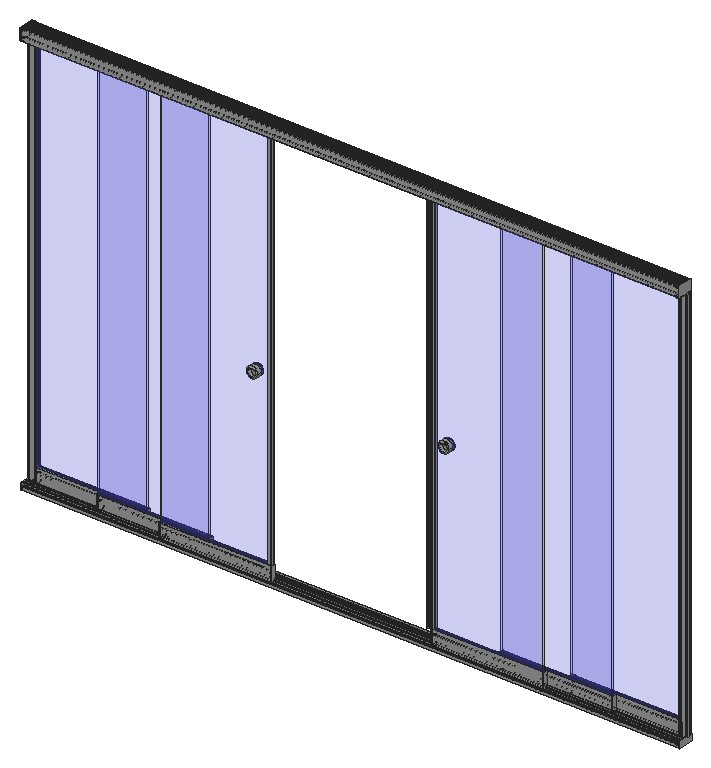
Revit family "SlideTec- 4 Panels - Retracted both sides))", category Generic Models, Revit 2018 (continued)
Definition of nested family "Panel RH"
  Forms (mm)
    Extrusion 3, solid, material <- "Framing"
      sketch origin (0, 0, 0) x (1, 0, 0) y (0, 1, 0)
        loop
          arc (-271.762, 11.573) -> (-273.196, 11.064) -> (-272.468, 9.729) r 1
          line (-272.468, 9.729) -> (-268.705, 8.938)
      from 80.905 to 2000
  Dimensions and locks
    "Height": plane 6 to plane 2
    locked: plane 7 to plane 4 at 6
    locked: plane 5 to plane 8 at 6
    equal spacing: plane 4, plane 3 "Center (Left/Right)", plane 5
    "Width": plane 7 to plane 8
    "Door Height": plane 10 to plane 2
    plane 7 to plane 9 = 85 mm
    aligned and locked: level to plane 2
    aligned and locked: Extrusion 2 to plane 4
    aligned and locked: Extrusion 2 to plane 5
    aligned and locked: nested 2 to plane 7
    aligned and locked: Extrusion 1 to plane 4
    aligned and locked: nested 1 to plane 8
    aligned and locked: Extrusion 1 to plane 5
    aligned and locked: plane 10 to nested 3
    aligned and locked: nested 3 to plane 9
    aligned and locked: plane 6 to Extrusion 3
  Automatic sketch dimensions
    plane 1 "Center (Front/Back)" to Extrusion 1 sketch curve = 9.35 mm
    Extrusion 1 sketch curve to Extrusion 1 sketch curve = 0.5 mm
    plane 1 "Center (Front/Back)" to Extrusion 1 sketch curve = 7.751 mm
    Extrusion 1 sketch curve to Extrusion 1 sketch curve = 1.199 mm
    Extrusion 1 sketch curve to Extrusion 1 sketch curve = 0.401 mm
    plane 1 "Center (Front/Back)" to Extrusion 1 sketch curve = 6.6 mm  (x2)
    Extrusion 1 sketch curve to Extrusion 1 sketch curve = 2.75 mm
    Extrusion 1 sketch curve to Extrusion 1 sketch curve = 0.3 mm  (x6)
    plane 1 "Center (Front/Back)" to Extrusion 1 sketch curve = 4.85 mm
    Extrusion 1 sketch curve to Extrusion 1 sketch curve = 1.442 mm  (x3)
    plane 1 "Center (Front/Back)" to Extrusion 1 sketch curve = 2.5 mm
    Extrusion 1 sketch curve to plane 1 "Center (Front/Back)" = 2.5 mm
    Extrusion 1 sketch curve to Extrusion 1 sketch curve = 0.908 mm
    Extrusion 1 sketch curve to Extrusion 1 sketch curve = 0 mm  (x2)
    Extrusion 1 sketch curve to plane 1 "Center (Front/Back)" = 6.3 mm  (x2)
    level to Extrusion 1 sketch curve = 0.663 mm  (x2)
    Extrusion 1 sketch curve to plane 1 "Center (Front/Back)" = 7.244 mm
    Extrusion 1 sketch curve to Extrusion 1 sketch curve = 0.106 mm
    Extrusion 1 sketch curve to Extrusion 1 sketch curve = 0.4 mm
    Extrusion 1 sketch curve to Extrusion 1 sketch curve = 1.606 mm
    Extrusion 1 sketch curve to Extrusion 1 sketch curve = 3.05 mm
    Extrusion 1 sketch curve to Extrusion 1 sketch curve = 4.319 mm
    Extrusion 1 sketch curve to Extrusion 1 sketch curve = 4.5 mm
    Extrusion 1 sketch curve to Extrusion 1 sketch curve = 0.728 mm
    Extrusion 1 sketch curve to Extrusion 1 sketch curve = 0.726 mm
    Extrusion 1 sketch curve to Extrusion 1 sketch curve = 5.367 mm
    Extrusion 1 sketch curve to Extrusion 1 sketch curve = 32 mm
    Extrusion 1 sketch curve to Extrusion 1 sketch curve = 2.862 mm  (x2)
    Extrusion 1 sketch curve to Extrusion 1 sketch curve = 1.238 mm
    Extrusion 1 sketch curve to Extrusion 1 sketch curve = 1.2 mm  (x2)
    Extrusion 1 sketch curve to Extrusion 1 sketch curve = 3.652 mm  (x2)
    Extrusion 1 sketch curve to Extrusion 1 sketch curve = 0.773 mm  (x10)
    Extrusion 1 sketch curve to Extrusion 1 sketch curve = 5.06 mm  (x4)
    Extrusion 1 sketch curve to Extrusion 1 sketch curve = 3.394 mm  (x2)
    Extrusion 1 sketch curve to Extrusion 1 sketch curve = 4.167 mm  (x2)
    Extrusion 1 sketch curve to Extrusion 1 sketch curve = 3.076 mm  (x2)
    plane 6 to Extrusion 2 sketch curve = 0.163 mm
    plane 1 "Center (Front/Back)" to Extrusion 2 sketch curve = 6.021 mm
    Extrusion 2 sketch curve to Extrusion 2 sketch curve = 1 mm  (x2)
    Extrusion 2 sketch curve to plane 1 "Center (Front/Back)" = 4.979 mm
    Extrusion 2 sketch curve to plane 1 "Center (Front/Back)" = 5.979 mm
    level to Extrusion 2 sketch curve = 54.155 mm
    Extrusion 2 sketch curve to Extrusion 2 sketch curve = 0 mm
    plane 7 to Extrusion 3 sketch curve = 13.906 mm  (x2)
    Extrusion 3 sketch curve to Extrusion 3 sketch curve = 0.206 mm  (x2)
    Extrusion 3 sketch curve to Extrusion 3 sketch curve = 0.5 mm  (x7)
    Extrusion 3 sketch curve to Extrusion 3 sketch curve = 1.218 mm  (x2)
    Extrusion 3 sketch curve to Extrusion 3 sketch curve = 2.247 mm  (x2)
    Extrusion 3 sketch curve to Extrusion 3 sketch curve = 0.903 mm  (x2)
    Extrusion 3 sketch curve to plane 7 = 2.2 mm
    Extrusion 3 sketch curve to Extrusion 3 sketch curve = 0.244 mm  (x2)
    plane 1 "Center (Front/Back)" to Extrusion 3 sketch curve = 16.326 mm
    Extrusion 3 sketch curve to Extrusion 3 sketch curve = 4.753 mm
    Extrusion 3 sketch curve to Extrusion 3 sketch curve = 0.703 mm  (x2)
    Extrusion 3 sketch curve to Extrusion 3 sketch curve = 0.866 mm
    Extrusion 3 sketch curve to Extrusion 3 sketch curve = 1.682 mm  (x2)
    Extrusion 3 sketch curve to plane 1 "Center (Front/Back)" = 9.729 mm
    Extrusion 3 sketch curve to Extrusion 3 sketch curve = 0.363 mm
    Extrusion 3 sketch curve to Extrusion 3 sketch curve = 0.979 mm
    Extrusion 3 sketch curve to Extrusion 3 sketch curve = 0.407 mm  (x2)
    Extrusion 3 sketch curve to Extrusion 3 sketch curve = 1.068 mm  (x2)
    Extrusion 3 sketch curve to Extrusion 3 sketch curve = 1.2 mm  (x4)
    plane 4 to Extrusion 3 sketch curve = 0.901 mm
    Extrusion 3 sketch curve to Extrusion 3 sketch curve = 15.082 mm
    Extrusion 3 sketch curve to Extrusion 3 sketch curve = 1.154 mm  (x2)
    Extrusion 3 sketch curve to Extrusion 3 sketch curve = 0.433 mm  (x2)
    Extrusion 3 sketch curve to Extrusion 3 sketch curve = 1.7 mm
    Extrusion 3 sketch curve to Extrusion 3 sketch curve = 0 mm
    Extrusion 3 sketch curve to plane 1 "Center (Front/Back)" = 6.1 mm
    plane 1 "Center (Front/Back)" to Extrusion 3 sketch curve = 6.1 mm
  Nested families
    nested 1: "Slider Extrusion End Cap RH & LH" at (258.563, 0, 0) x (0, 1, 0) z (0, 0, 1), type "Slider Extrusion End Cap RH & LH"
    nested 2: "Slider Extrusion End Cap End" at (-258.562, 0, 0) x (0, 1, 0) z (0, 0, 1), type "Slider Extrusion End Cap End"
    nested 3: "Handle" at (-173.563, -5.021, 900), type "Handle"
  Definition of nested family "Slider Extrusion End Cap RH & LH"
    Parameters (values of type "Slider Extrusion End Cap RH & LH")
      Framing = none
    Reference planes
      plane 1 "Center (Front/Back)": y = 0
      plane 2: z = 0
      plane 3 "Center (Left/Right)": x = 0
    Forms (mm)
      Extrusion 1, solid, material <- "Framing"
        sketch origin (9.522, -6, 0) x (1, 0, 0) y (0, 1, 0)
          loop
            line (0, 0) -> (-0.051, -14.5) -> (3.708, -14.982) -> (2.849, 6) -> (-19.001, 6) -> (-19.001, 0) -> (0, 0)
        from 0 to 80.905
      Extrusion 2, solid, material <- "Framing"
        sketch origin (9.522, -6, 0) x (0, 1, 0) y (0, 0, 1)
          loop
            line (-31, 43.114) -> (-31, 30.955) -> (-14.14, 0) -> (0, 0) -> (0, 43.655) -> (-31, 43.114)
        from -2.78 to -15.892
      Extrusion 3, void
        sketch origin (12.371, 0, 0) x (-1, 0, 0) y (0, 0, 1)
          loop
            line (9.371, 0) -> (-2.356, 1.188) -> (-2.356, -1.415) -> (21.85, -1.415) -> (21.85, 0.659) -> (15.371, 0) -> (15.371, 8.755)
            arc (15.371, 8.755) -> (12.371, 11.755) -> (9.371, 8.755) r 3
            line (9.371, 8.755) -> (9.371, 0)
        from 0 to -28.971
      Extrusion 4, solid, material <- "Framing"
        sketch origin (6.742, -6, 0) x (0, 1, 0) y (0, 0, 1)
          loop
            line (0, 43.655) -> (-14.5, 43.402) -> (-14.5, -0.888) -> (0, -0.888) -> (0, 43.655)
        from 0 to 2.729
    Cuts and joins
      Extrusion 3 cuts Extrusion 1
      Extrusion 3 cuts Extrusion 2
      Extrusion 3 cuts Extrusion 4
    Dimensions and locks
      aligned and locked: level to plane 2
  Definition of nested family "Slider Extrusion End Cap End"
    Parameters (values of type "Slider Extrusion End Cap End")
      Framing = none
    Reference planes
      plane 1 "Center (Front/Back)": y = 0
      plane 2: z = 0
      plane 3 "Center (Left/Right)": x = 0
    Forms (mm)
      Extrusion 1, solid, material <- "Framing"
        sketch origin (9.522, -6, 0) x (1, 0, 0) y (0, 1, 0)
          loop
            line (-0.043, 6) -> (-19.001, 6) -> (-19.001, 0) -> (-0.043, 0) -> (-0.043, 6)
        from 0 to 80.905
      Extrusion 2, solid, material <- "Framing"
        sketch origin (9.522, -6, 0) x (0, 1, 0) y (0, 0, 1)
          loop
            line (-31, 43.114) -> (-31, 30.955) -> (-14.14, 0) -> (0, 0) -> (0, 43.655) -> (-31, 43.114)
        from -2.78 to -15.892
      Extrusion 3, void
        sketch origin (12.371, 0, 0) x (-1, 0, 0) y (0, 0, 1)
          loop
            line (9.371, 0) -> (-2.356, 1.188) -> (-2.356, -1.415) -> (21.85, -1.415) -> (21.85, 0.659) -> (15.371, 0) -> (15.371, 8.755)
            arc (15.371, 8.755) -> (12.371, 11.755) -> (9.371, 8.755) r 3
            line (9.371, 8.755) -> (9.371, 0)
        from 0 to -28.971
    Cuts and joins
      Extrusion 3 cuts Extrusion 1
      Extrusion 3 cuts Extrusion 2
    Dimensions and locks
      aligned and locked: level to plane 2
  Definition of nested family "Handle"
    Parameters (values of type "Handle")
      Handle = none
    Reference planes
      plane 1 "Center (Front/Back)": y = 0
      plane 2: z = 0
      plane 3 "Center (Left/Right)": x = 0
      plane 4: z = 0
    Forms (mm)
      Revolve 1, solid, material <- "Handle"
        sketch origin (0, 0, 0) x (1, 0, 0) y (0, 1, 0)
          loop
            line (-29, -21.25) -> (-22.5, -24.75) -> (-22.5, -4.268) -> (0, -4.268) -> (0, 4.573) -> (-22.5, 4.573) -> (-22.5, 15.75) -> (-29, 13.75) -> (-29, 12.75) -> (-27.181, 12.75) -> (-27.181, -0.75) -> (-29, -0.75) -> (-29, -21.25)
          axis (0, -24.75) -> (0, 15.75)
        angle from 0 to 360
    Dimensions and locks
      aligned and locked: level to plane 2
Definition of nested family "Panel LH"
  Parameters (values of type "Panel LH")
    Width = 601.667 mm
    Height [instance] = 2000 mm
    Glass = none
    Framing = none
    Door Height [instance] = if((Height / 2 - 100 mm) < 500 mm, 500 mm, Height / 2 - 100 mm)  # 900 mm
  Reference planes
    plane 1 "Center (Front/Back)": y = 0
    plane 2: z = 0
    plane 3 "Center (Left/Right)": x = 0
    plane 4: x = -294.833
    plane 5: x = 294.833
    plane 6: z = 2000
    plane 7: x = -300.833
    plane 8: x = 300.833
    plane 9: x = 209.833
    plane 10: z = 900
  Forms (mm)
    Extrusion 1, solid, material <- "Framing"
      sketch origin (-125, 0, 0.663) x (0, 1, 0) y (0, 0, 1)
        loop
          line (-3.408, 45.955) -> (3.408, 45.955)
          arc (3.408, 45.955) -> (6.75, 47.192) -> (3.408, 48.43) r 1.9
          line (3.408, 48.43) -> (-3.408, 48.43)
          arc (-3.408, 48.43) -> (-6.75, 47.192) -> (-3.408, 45.955) r 1.9
        loop
          arc (8.85, 0) -> (9.204, 0.146) -> (9.35, 0.5) r 0.5
          line (9.35, 0.5) -> (9.35, 79.992) -> (6.3, 79.992) -> (6.3, 76.917) -> (6.6, 76.144) -> (6.6, 72.75) -> (6.3, 71.977) -> (6.3, 66.917) -> (6.6, 66.144) -> (6.6, 62.75) -> (6.3, 61.977) -> (6.3, 56.917) -> (6.6, 56.144) -> (6.6, 52.492) -> (2.5, 52.492) -> (2.5, 51.292) -> (-2.5, 51.292) -> (-2.5, 52.492) -> (-6.6, 52.492) -> (-6.6, 56.144) -> (-6.3, 56.917) -> (-6.3, 61.977) -> (-6.6, 62.75) -> (-6.6, 66.144) -> (-6.3, 66.917) -> (-6.3, 71.977) -> (-6.6, 72.75) -> (-6.6, 76.144) -> (-6.3, 76.917) -> (-6.3, 79.992) -> (-9.35, 79.992) -> (-9.35, 0.5)
          arc (-9.35, 0.5) -> (-9.204, 0.146) -> (-8.85, 0) r 0.5
          line (-8.85, 0) -> (-7.25, 0) -> (-7.25, 4.819) -> (-7.651, 5.547) -> (-7.751, 43.092) -> (7.75, 43.092) -> (7.75, 11.092) -> (7.75, 5.726) -> (7.35, 5) -> (7.244, 0) -> (8.85, 0)
      from -169.833 to 419.833
    Extrusion 2, solid, material <- "Glass"
      sketch origin (-125, 0, 0.163) x (0, 1, 0) y (0, 0, 1)
        loop
          line (5.979, 53.992) -> (5.979, 2000) -> (-6.021, 2000) -> (-6.021, 53.992) -> (-5.021, 52.992) -> (4.979, 52.992) -> (5.979, 53.992)
      from -169.833 to 419.833
    Extrusion 3, solid, material <- "Framing"
      sketch origin (0, 0, 0) x (1, 0, 0) y (0, 1, 0)
        loop
          line (298.433, 6.683) -> (294.321, 7.278) -> (277.351, 7.278) -> (276.151, 6.079) -> (294.233, 6.079) -> (297.433, 5.615) -> (297.433, 3.779) -> (295.433, 3.779) -> (295.433, -3.821) -> (297.233, -3.821) -> (297.233, -5.686) -> (294.233, -6.121) -> (276.151, -6.121) -> (277.351, -7.321) -> (294.321, -7.321) -> (298.433, -6.725) -> (298.433, -1.621) -> (297.533, -1.621) -> (297.533, -2.621) -> (296.433, -2.621) -> (296.433, 2.579) -> (297.533, 2.579) -> (297.533, 1.579) -> (298.433, 1.579) -> (298.433, 6.683)
      from 80.905 to 2000
  Dimensions and locks
    "Height": plane 6 to plane 2
    locked: plane 7 to plane 4 at 6
    locked: plane 5 to plane 8 at 6
    equal spacing: plane 4, plane 3 "Center (Left/Right)", plane 5
    "Width": plane 7 to plane 8
    "Door Height": plane 10 to plane 2
    plane 9 to plane 5 = 85 mm
    aligned and locked: level to plane 2
    aligned and locked: Extrusion 2 to plane 4
    aligned and locked: Extrusion 2 to plane 5
    aligned and locked: nested 2 to plane 7
    aligned and locked: Extrusion 1 to plane 4
    aligned and locked: nested 1 to plane 8
    aligned and locked: Extrusion 1 to plane 5
    aligned and locked: plane 6 to Extrusion 3
    aligned and locked: nested 3 to plane 10
    aligned and locked: plane 9 to nested 3
  Automatic sketch dimensions
    plane 1 "Center (Front/Back)" to Extrusion 1 sketch curve = 9.35 mm
    Extrusion 1 sketch curve to Extrusion 1 sketch curve = 0.5 mm
    plane 1 "Center (Front/Back)" to Extrusion 1 sketch curve = 7.751 mm
    Extrusion 1 sketch curve to Extrusion 1 sketch curve = 1.199 mm
    Extrusion 1 sketch curve to Extrusion 1 sketch curve = 0.401 mm
    plane 1 "Center (Front/Back)" to Extrusion 1 sketch curve = 6.6 mm  (x2)
    Extrusion 1 sketch curve to Extrusion 1 sketch curve = 2.75 mm
    Extrusion 1 sketch curve to Extrusion 1 sketch curve = 0.3 mm  (x6)
    plane 1 "Center (Front/Back)" to Extrusion 1 sketch curve = 4.85 mm
    Extrusion 1 sketch curve to Extrusion 1 sketch curve = 1.442 mm  (x3)
    plane 1 "Center (Front/Back)" to Extrusion 1 sketch curve = 2.5 mm
    Extrusion 1 sketch curve to plane 1 "Center (Front/Back)" = 2.5 mm
    Extrusion 1 sketch curve to Extrusion 1 sketch curve = 0.908 mm
    Extrusion 1 sketch curve to Extrusion 1 sketch curve = 0 mm  (x2)
    Extrusion 1 sketch curve to plane 1 "Center (Front/Back)" = 6.3 mm  (x2)
    level to Extrusion 1 sketch curve = 0.663 mm  (x2)
    Extrusion 1 sketch curve to plane 1 "Center (Front/Back)" = 7.244 mm
    Extrusion 1 sketch curve to Extrusion 1 sketch curve = 0.106 mm
    Extrusion 1 sketch curve to Extrusion 1 sketch curve = 0.4 mm
    Extrusion 1 sketch curve to Extrusion 1 sketch curve = 1.606 mm
    Extrusion 1 sketch curve to Extrusion 1 sketch curve = 3.05 mm
    Extrusion 1 sketch curve to Extrusion 1 sketch curve = 4.319 mm
    Extrusion 1 sketch curve to Extrusion 1 sketch curve = 4.5 mm
    Extrusion 1 sketch curve to Extrusion 1 sketch curve = 0.728 mm
    Extrusion 1 sketch curve to Extrusion 1 sketch curve = 0.726 mm
    Extrusion 1 sketch curve to Extrusion 1 sketch curve = 5.367 mm
    Extrusion 1 sketch curve to Extrusion 1 sketch curve = 32 mm
    Extrusion 1 sketch curve to Extrusion 1 sketch curve = 2.862 mm  (x2)
    Extrusion 1 sketch curve to Extrusion 1 sketch curve = 1.238 mm
    Extrusion 1 sketch curve to Extrusion 1 sketch curve = 1.2 mm  (x2)
    Extrusion 1 sketch curve to Extrusion 1 sketch curve = 3.652 mm  (x2)
    Extrusion 1 sketch curve to Extrusion 1 sketch curve = 0.773 mm  (x10)
    Extrusion 1 sketch curve to Extrusion 1 sketch curve = 5.06 mm  (x4)
    Extrusion 1 sketch curve to Extrusion 1 sketch curve = 3.394 mm  (x2)
    Extrusion 1 sketch curve to Extrusion 1 sketch curve = 4.167 mm  (x2)
    Extrusion 1 sketch curve to Extrusion 1 sketch curve = 3.076 mm  (x2)
    plane 6 to Extrusion 2 sketch curve = 0.163 mm
    plane 1 "Center (Front/Back)" to Extrusion 2 sketch curve = 6.021 mm
    Extrusion 2 sketch curve to Extrusion 2 sketch curve = 1 mm  (x2)
    Extrusion 2 sketch curve to plane 1 "Center (Front/Back)" = 4.979 mm
    Extrusion 2 sketch curve to plane 1 "Center (Front/Back)" = 5.979 mm
    level to Extrusion 2 sketch curve = 54.155 mm
    Extrusion 2 sketch curve to Extrusion 2 sketch curve = 0 mm
    Extrusion 3 sketch curve to plane 1 "Center (Front/Back)" = 6.079 mm
    plane 5 to Extrusion 3 sketch curve = 18.682 mm
    Extrusion 3 sketch curve to Extrusion 3 sketch curve = 0 mm
    Extrusion 3 sketch curve to Extrusion 3 sketch curve = 1.2 mm  (x5)
    plane 5 to Extrusion 3 sketch curve = 0.601 mm  (x2)
    plane 5 to Extrusion 3 sketch curve = 0.512 mm  (x2)
    Extrusion 3 sketch curve to Extrusion 3 sketch curve = 1 mm  (x3)
    Extrusion 3 sketch curve to Extrusion 3 sketch curve = 0.8 mm
    Extrusion 3 sketch curve to plane 5 = 2.6 mm
    Extrusion 3 sketch curve to Extrusion 3 sketch curve = 1.1 mm  (x2)
    Extrusion 3 sketch curve to Extrusion 3 sketch curve = 0.9 mm  (x2)
    Extrusion 3 sketch curve to Extrusion 3 sketch curve = 0.464 mm
    Extrusion 3 sketch curve to Extrusion 3 sketch curve = 2.3 mm  (x2)
    plane 1 "Center (Front/Back)" to Extrusion 3 sketch curve = 1.621 mm
    Extrusion 3 sketch curve to Extrusion 3 sketch curve = 2.2 mm
    Extrusion 3 sketch curve to Extrusion 3 sketch curve = 1.865 mm
    Extrusion 3 sketch curve to Extrusion 3 sketch curve = 1.039 mm
    Extrusion 3 sketch curve to Extrusion 3 sketch curve = 1.068 mm
    Extrusion 3 sketch curve to plane 5 = 0.6 mm
  Nested families
    nested 1: "Slider Extrusion End Cap End" at (300.833, 0, 0) x (0, -1, 0) z (0, 0, 1), type "Slider Extrusion End Cap End"
    nested 2: "Slider Extrusion End Cap RH & LH" at (-300.833, 0, 0) x (0, 1, 0) z (0, 0, 1), type "Slider Extrusion End Cap RH & LH"
    nested 3: "Handle" at (209.833, -6.021, 900), type "Handle"
  Definition of nested family "Slider Extrusion End Cap End"
    Parameters (values of type "Slider Extrusion End Cap End")
      Framing = none
    Reference planes
      plane 1 "Center (Front/Back)": y = 0
      plane 2: z = 0
      plane 3 "Center (Left/Right)": x = 0
    Forms (mm)
      Extrusion 1, solid, material <- "Framing"
        sketch origin (9.522, -6, 0) x (1, 0, 0) y (0, 1, 0)
          loop
            line (-0.043, 6) -> (-19.001, 6) -> (-19.001, 0) -> (-0.043, 0) -> (-0.043, 6)
        from 0 to 80.905
      Extrusion 2, solid, material <- "Framing"
        sketch origin (9.522, -6, 0) x (0, 1, 0) y (0, 0, 1)
          loop
            line (-31, 43.114) -> (-31, 30.955) -> (-14.14, 0) -> (0, 0) -> (0, 43.655) -> (-31, 43.114)
        from -2.78 to -15.892
      Extrusion 3, void
        sketch origin (12.371, 0, 0) x (-1, 0, 0) y (0, 0, 1)
          loop
            line (9.371, 0) -> (-2.356, 1.188) -> (-2.356, -1.415) -> (21.85, -1.415) -> (21.85, 0.659) -> (15.371, 0) -> (15.371, 8.755)
            arc (15.371, 8.755) -> (12.371, 11.755) -> (9.371, 8.755) r 3
            line (9.371, 8.755) -> (9.371, 0)
        from 0 to -28.971
    Cuts and joins
      Extrusion 3 cuts Extrusion 1
      Extrusion 3 cuts Extrusion 2
    Dimensions and locks
      aligned and locked: level to plane 2
  Definition of nested family "Slider Extrusion End Cap RH & LH"
    Parameters (values of type "Slider Extrusion End Cap RH & LH")
      Framing = none
    Reference planes
      plane 1 "Center (Front/Back)": y = 0
      plane 2: z = 0
      plane 3 "Center (Left/Right)": x = 0
    Forms (mm)
      Extrusion 1, solid, material <- "Framing"
        sketch origin (9.522, -6, 0) x (1, 0, 0) y (0, 1, 0)
          loop
            line (0, 0) -> (-0.051, -14.5) -> (3.708, -14.982) -> (2.849, 6) -> (-19.001, 6) -> (-19.001, 0) -> (0, 0)
        from 0 to 80.905
      Extrusion 2, solid, material <- "Framing"
        sketch origin (9.522, -6, 0) x (0, 1, 0) y (0, 0, 1)
          loop
            line (-31, 43.114) -> (-31, 30.955) -> (-14.14, 0) -> (0, 0) -> (0, 43.655) -> (-31, 43.114)
        from -2.78 to -15.892
      Extrusion 3, void
        sketch origin (12.371, 0, 0) x (-1, 0, 0) y (0, 0, 1)
          loop
            line (9.371, 0) -> (-2.356, 1.188) -> (-2.356, -1.415) -> (21.85, -1.415) -> (21.85, 0.659) -> (15.371, 0) -> (15.371, 8.755)
            arc (15.371, 8.755) -> (12.371, 11.755) -> (9.371, 8.755) r 3
            line (9.371, 8.755) -> (9.371, 0)
        from 0 to -28.971
      Extrusion 4, solid, material <- "Framing"
        sketch origin (6.742, -6, 0) x (0, 1, 0) y (0, 0, 1)
          loop
            line (0, 43.655) -> (-14.5, 43.402) -> (-14.5, -0.888) -> (0, -0.888) -> (0, 43.655)
        from 0 to 2.729
    Cuts and joins
      Extrusion 3 cuts Extrusion 1
      Extrusion 3 cuts Extrusion 2
      Extrusion 3 cuts Extrusion 4
    Dimensions and locks
      aligned and locked: level to plane 2
  Definition of nested family "Handle"
    Parameters (values of type "Handle")
      Handle = none
    Reference planes
      plane 1 "Center (Front/Back)": y = 0
      plane 2: z = 0
      plane 3 "Center (Left/Right)": x = 0
      plane 4: z = 0
    Forms (mm)
      Revolve 1, solid, material <- "Handle"
        sketch origin (0, 0, 0) x (1, 0, 0) y (0, 1, 0)
          loop
            line (-29, -21.25) -> (-22.5, -24.75) -> (-22.5, -4.268) -> (0, -4.268) -> (0, 4.573) -> (-22.5, 4.573) -> (-22.5, 15.75) -> (-29, 13.75) -> (-29, 12.75) -> (-27.181, 12.75) -> (-27.181, -0.75) -> (-29, -0.75) -> (-29, -21.25)
          axis (0, -24.75) -> (0, 15.75)
        angle from 0 to 360
    Dimensions and locks
      aligned and locked: level to plane 2
Definition of nested family "Panel 2"
  Parameters (values of type "Panel 2")
    Width = 601.667 mm
    Height [instance] = 2000 mm
    Glass = none
    Framing = none
  Reference planes
    plane 1 "Center (Front/Back)": y = 0
    plane 2: z = 0
    plane 3 "Center (Left/Right)": x = 0
    plane 4: x = -294.833
    plane 5: x = 294.833
    plane 6: z = 2000
    plane 7: x = -300.833
    plane 8: x = 300.833
  Forms (mm)
    Extrusion 1, solid, material <- "Framing"
      sketch origin (-125, 0, 0.663) x (0, 1, 0) y (0, 0, 1)
        loop
          line (-3.408, 45.955) -> (3.408, 45.955)
          arc (3.408, 45.955) -> (6.75, 47.192) -> (3.408, 48.43) r 1.9
          line (3.408, 48.43) -> (-3.408, 48.43)
          arc (-3.408, 48.43) -> (-6.75, 47.192) -> (-3.408, 45.955) r 1.9
        loop
          arc (8.85, 0) -> (9.204, 0.146) -> (9.35, 0.5) r 0.5
          line (9.35, 0.5) -> (9.35, 79.992) -> (6.3, 79.992) -> (6.3, 76.917) -> (6.6, 76.144) -> (6.6, 72.75) -> (6.3, 71.977) -> (6.3, 66.917) -> (6.6, 66.144) -> (6.6, 62.75) -> (6.3, 61.977) -> (6.3, 56.917) -> (6.6, 56.144) -> (6.6, 52.492) -> (2.5, 52.492) -> (2.5, 51.292) -> (-2.5, 51.292) -> (-2.5, 52.492) -> (-6.6, 52.492) -> (-6.6, 56.144) -> (-6.3, 56.917) -> (-6.3, 61.977) -> (-6.6, 62.75) -> (-6.6, 66.144) -> (-6.3, 66.917) -> (-6.3, 71.977) -> (-6.6, 72.75) -> (-6.6, 76.144) -> (-6.3, 76.917) -> (-6.3, 79.992) -> (-9.35, 79.992) -> (-9.35, 0.5)
          arc (-9.35, 0.5) -> (-9.204, 0.146) -> (-8.85, 0) r 0.5
          line (-8.85, 0) -> (-7.25, 0) -> (-7.25, 4.819) -> (-7.651, 5.547) -> (-7.751, 43.092) -> (7.75, 43.092) -> (7.75, 11.092) -> (7.75, 5.726) -> (7.35, 5) -> (7.244, 0) -> (8.85, 0)
      from -169.833 to 419.833
    Extrusion 2, solid, material <- "Glass"
      sketch origin (-125, 0, 0.163) x (0, 1, 0) y (0, 0, 1)
        loop
          line (5.979, 53.992) -> (5.979, 2000) -> (-6.021, 2000) -> (-6.021, 53.992) -> (-5.021, 52.992) -> (4.979, 52.992) -> (5.979, 53.992)
      from -169.833 to 419.833
  Dimensions and locks
    "Height": plane 6 to plane 2
    locked: plane 7 to plane 4 at 6
    locked: plane 5 to plane 8 at 6
    equal spacing: plane 4, plane 3 "Center (Left/Right)", plane 5
    "Width": plane 7 to plane 8
    aligned and locked: level to plane 2
    aligned and locked: Extrusion 2 to plane 4
    aligned and locked: Extrusion 2 to plane 5
    aligned and locked: nested 2 to plane 7
    aligned and locked: Extrusion 1 to plane 4
    aligned and locked: nested 1 to plane 8
    aligned and locked: Extrusion 1 to plane 5
  Automatic sketch dimensions
    plane 1 "Center (Front/Back)" to Extrusion 1 sketch curve = 9.35 mm
    Extrusion 1 sketch curve to Extrusion 1 sketch curve = 0.5 mm
    plane 1 "Center (Front/Back)" to Extrusion 1 sketch curve = 7.751 mm
    Extrusion 1 sketch curve to Extrusion 1 sketch curve = 1.199 mm
    Extrusion 1 sketch curve to Extrusion 1 sketch curve = 0.401 mm
    plane 1 "Center (Front/Back)" to Extrusion 1 sketch curve = 6.6 mm  (x2)
    Extrusion 1 sketch curve to Extrusion 1 sketch curve = 2.75 mm
    Extrusion 1 sketch curve to Extrusion 1 sketch curve = 0.3 mm  (x6)
    plane 1 "Center (Front/Back)" to Extrusion 1 sketch curve = 4.85 mm
    Extrusion 1 sketch curve to Extrusion 1 sketch curve = 1.442 mm  (x3)
    plane 1 "Center (Front/Back)" to Extrusion 1 sketch curve = 2.5 mm
    Extrusion 1 sketch curve to plane 1 "Center (Front/Back)" = 2.5 mm
    Extrusion 1 sketch curve to Extrusion 1 sketch curve = 0.908 mm
    Extrusion 1 sketch curve to Extrusion 1 sketch curve = 0 mm  (x2)
    Extrusion 1 sketch curve to plane 1 "Center (Front/Back)" = 6.3 mm  (x2)
    level to Extrusion 1 sketch curve = 0.663 mm  (x2)
    Extrusion 1 sketch curve to plane 1 "Center (Front/Back)" = 7.244 mm
    Extrusion 1 sketch curve to Extrusion 1 sketch curve = 0.106 mm
    Extrusion 1 sketch curve to Extrusion 1 sketch curve = 0.4 mm
    Extrusion 1 sketch curve to Extrusion 1 sketch curve = 1.606 mm
    Extrusion 1 sketch curve to Extrusion 1 sketch curve = 3.05 mm
    Extrusion 1 sketch curve to Extrusion 1 sketch curve = 4.319 mm
    Extrusion 1 sketch curve to Extrusion 1 sketch curve = 4.5 mm
    Extrusion 1 sketch curve to Extrusion 1 sketch curve = 0.728 mm
    Extrusion 1 sketch curve to Extrusion 1 sketch curve = 0.726 mm
    Extrusion 1 sketch curve to Extrusion 1 sketch curve = 5.367 mm
    Extrusion 1 sketch curve to Extrusion 1 sketch curve = 32 mm
    Extrusion 1 sketch curve to Extrusion 1 sketch curve = 2.862 mm  (x2)
    Extrusion 1 sketch curve to Extrusion 1 sketch curve = 1.238 mm
    Extrusion 1 sketch curve to Extrusion 1 sketch curve = 1.2 mm  (x2)
    Extrusion 1 sketch curve to Extrusion 1 sketch curve = 3.652 mm  (x2)
    Extrusion 1 sketch curve to Extrusion 1 sketch curve = 0.773 mm  (x10)
    Extrusion 1 sketch curve to Extrusion 1 sketch curve = 5.06 mm  (x4)
    Extrusion 1 sketch curve to Extrusion 1 sketch curve = 3.394 mm  (x2)
    Extrusion 1 sketch curve to Extrusion 1 sketch curve = 4.167 mm  (x2)
    Extrusion 1 sketch curve to Extrusion 1 sketch curve = 3.076 mm  (x2)
    plane 6 to Extrusion 2 sketch curve = 0.163 mm
    plane 1 "Center (Front/Back)" to Extrusion 2 sketch curve = 6.021 mm
    Extrusion 2 sketch curve to Extrusion 2 sketch curve = 1 mm  (x2)
    Extrusion 2 sketch curve to plane 1 "Center (Front/Back)" = 4.979 mm
    Extrusion 2 sketch curve to plane 1 "Center (Front/Back)" = 5.979 mm
    level to Extrusion 2 sketch curve = 54.155 mm
    Extrusion 2 sketch curve to Extrusion 2 sketch curve = 0 mm
  Nested families
    nested 1: "Slider Extrusion End Cap RH & LH" at (300.833, 0, 0) x (0, -1, 0) z (0, 0, 1), type "Slider Extrusion End Cap RH & LH"
    nested 2: "Slider Extrusion End Cap RH & LH" at (-300.833, 0, 0) x (0, 1, 0) z (0, 0, 1), type "Slider Extrusion End Cap RH & LH"
  Definition of nested family "Slider Extrusion End Cap RH & LH"
    Parameters (values of type "Slider Extrusion End Cap RH & LH")
      Framing = none
    Reference planes
      plane 1 "Center (Front/Back)": y = 0
      plane 2: z = 0
      plane 3 "Center (Left/Right)": x = 0
    Forms (mm)
      Extrusion 1, solid, material <- "Framing"
        sketch origin (9.522, -6, 0) x (1, 0, 0) y (0, 1, 0)
          loop
            line (0, 0) -> (-0.051, -14.5) -> (3.708, -14.982) -> (2.849, 6) -> (-19.001, 6) -> (-19.001, 0) -> (0, 0)
        from 0 to 80.905
      Extrusion 2, solid, material <- "Framing"
        sketch origin (9.522, -6, 0) x (0, 1, 0) y (0, 0, 1)
          loop
            line (-31, 43.114) -> (-31, 30.955) -> (-14.14, 0) -> (0, 0) -> (0, 43.655) -> (-31, 43.114)
        from -2.78 to -15.892
      Extrusion 3, void
        sketch origin (12.371, 0, 0) x (-1, 0, 0) y (0, 0, 1)
          loop
            line (9.371, 0) -> (-2.356, 1.188) -> (-2.356, -1.415) -> (21.85, -1.415) -> (21.85, 0.659) -> (15.371, 0) -> (15.371, 8.755)
            arc (15.371, 8.755) -> (12.371, 11.755) -> (9.371, 8.755) r 3
            line (9.371, 8.755) -> (9.371, 0)
        from 0 to -28.971
      Extrusion 4, solid, material <- "Framing"
        sketch origin (6.742, -6, 0) x (0, 1, 0) y (0, 0, 1)
          loop
            line (0, 43.655) -> (-14.5, 43.402) -> (-14.5, -0.888) -> (0, -0.888) -> (0, 43.655)
        from 0 to 2.729
    Cuts and joins
      Extrusion 3 cuts Extrusion 1
      Extrusion 3 cuts Extrusion 2
      Extrusion 3 cuts Extrusion 4
    Dimensions and locks
      aligned and locked: level to plane 2
